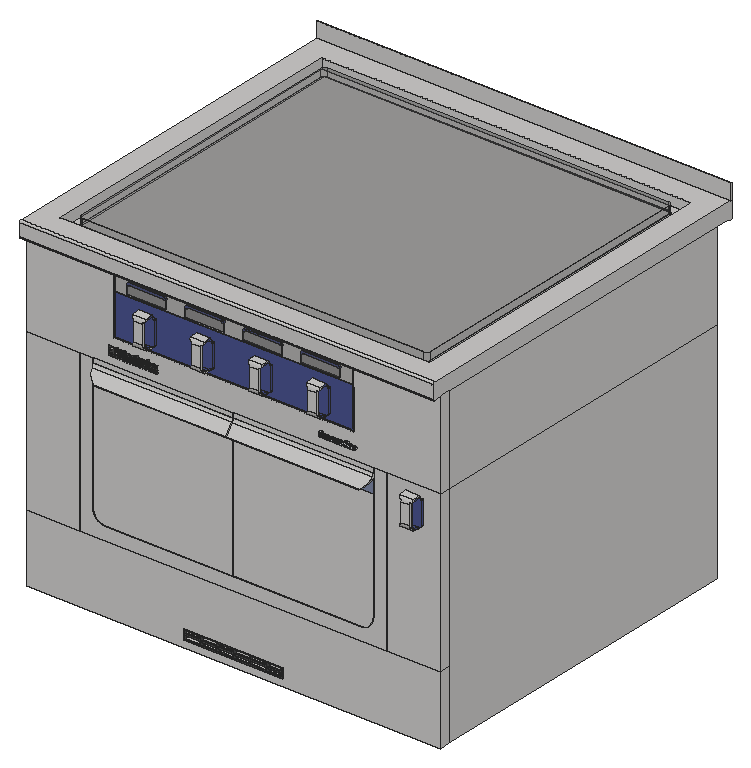
Revit family "QF_ELECTROLUXPROFESSIONAL_589675_MCIQFBJ4AO", category Attrezzature speciali, Revit 2020
Family settings
  Quota connettore circolare = Usa diametro
  Tipo di parte = Normale
  Basato su piano di lavoro = No
  Sempre verticale = Sì
  Taglio con vuoti quando caricato = No
  Condiviso = No
  Punto di calcolo locali = No
Parameters (values of type "Standard")
  Weight = 132.00 kg
  Watts = 22000 W
  Volts = 400 V
  URL Manufacturer = "https://www.electroluxprofessional.com/"
  URL = "https://www.electroluxprofessional.com/"
  Steam Supply Size = 0"
  Steam Supply Minimum Pressure = 0.00 psi
  Steam Supply Maximum Pressure = 0.00 psi
  Steam Consumption per Hour = 0
  Refrigeration Suction Line Size = 0 mm
  Refrigeration Liquid Line Size = 0 mm
  Refrigerant Compressor Remote = yes
  Prospetto di default = 0 mm
  Phase = 3
  Modello = "MCIQFBJ4AO"
  Produttore = "Electrolux Professional"
  Length Actual = 1000 mm  # constant formula
  Item Number = "589675"
  Hot Water Size = 0"
  Height Actual = 800 mm  # constant formula
  HP = "29.5 HP"
  Gas Size = 0"
  Gas KW = 0
  Gas Input Pressure = 0.0 Btu/h
  Direct Waste Size = 0"
  Descrizione = "INDUCTION,4Z,WARM CAB,1S,BS,1000X900X800"
  Depth Actual = 900 mm  # constant formula
  Cycle = 50 Hz
  Condensate Return Size = 0"
  Compressed Air Volume = 0 GPM
  Compressed Air Size = 0"
  Compressed Air Pressure = 0.00 psi
  Cold Water Size = 0"
  Accessory = yes
Reference planes
  plane 1 "BACK": y = 0
  plane 2: z = 0
  plane 3 "LEFT": x = -100
  plane 4 "RIGHT": x = 900
  plane 5 "FRONT": y = -900
  plane 6 "TOP": z = 900
  plane 7 "Center (Left/Right)": x = 400
  plane 8: y = -450
  plane 9: z = 100
  plane 10: y = -150
  plane 11 "Panel": y = -855
  plane 12: z = 798
  plane 13: z = 1327
  plane 14: x = -22
  plane 15: x = 822
  plane 16: y = -150
  plane 17: y = -650
  plane 18 "EIx": x = 855
  plane 19 "EIy": y = -685
  plane 20: y = -880
  plane 21: z = 938
  plane 22: x = 835
Forms (mm)
  Extrusion 1, solid, material "QF_Finishes_Stainless Steel"
    sketch origin (-178.969, -4572, 100) x (-1, 0, 0) y (0, -1, 0)
      loop
        line (-78.969, -4527) -> (-78.969, -3717) -> (-1078.969, -3717) -> (-1078.969, -4527) -> (-78.969, -4527)
    from 550 to 762.969
  Extrusion 2, solid, material "QF_Finishes_Stainless Steel"
    sketch origin (-100, 0, 0) x (0, 1, 0) y (0, 0, 1)
      loop
        line (-855, 100) -> (-855, 265) -> (-880, 265) -> (-880, 100) -> (-855, 100)
    from 0 to 1000
  Extrusion 3, solid, material "QF_Finishes_Stainless Steel"
    sketch origin (-488.969, -4662, 100) x (-1, 0, 0) y (0, -1, 0)
      loop
        circle (-1343.969, -3977) r 6.35
    from 0 to -11.851
  Extrusion 4, solid, material "QF_Finishes_Stainless Steel"
    sketch origin (400, 296.4, 1219.2) x (0, 1, 0) y (0, 0, 1)
      loop
        line (-296.4, -319.2) -> (-1191.4, -319.2)
        arc (-1191.4, -319.2) -> (-1194.935, -320.664) -> (-1196.4, -324.2) r 5
        line (-1196.4, -324.2) -> (-1196.4, -355.2)
        arc (-1196.4, -355.2) -> (-1194.971, -358.264) -> (-1191.705, -359.139) r 4
        line (-1191.705, -359.139) -> (-1176.4, -356.231) -> (-316.4, -356.231) -> (-301.094, -359.139)
        arc (-301.094, -359.139) -> (-297.829, -358.264) -> (-296.4, -355.2) r 4
        line (-296.4, -355.2) -> (-296.4, -319.2)
    from -500 to 500
  Extrusion 5, solid, material "QF_Finishes_Electrolux_Black Smoke Iluminated"
    sketch origin (0, 0, 900) x (-1, 0, 0) y (0, -1, 0)
      loop
        arc (12, 79) -> (19.071, 81.929) -> (22, 89) r 10
        line (22, 89) -> (22, 810)
        arc (22, 810) -> (19.071, 817.071) -> (12, 820) r 10
        line (12, 820) -> (-812, 820)
        arc (-812, 820) -> (-819.071, 817.071) -> (-822, 810) r 10
        line (-822, 810) -> (-822, 89)
        arc (-822, 89) -> (-819.071, 81.929) -> (-812, 79) r 10
        line (-812, 79) -> (12, 79)
    from 0 to -20
  Extrusion 6, solid, material "QF_Finishes_Stainless Steel"
    sketch origin (-178.969, -4572, 100) x (-1, 0, 0) y (0, -1, 0)
      loop
        line (-78.969, -4527) -> (-78.969, -3717) -> (-1078.969, -3717) -> (-1078.969, -4527) -> (-78.969, -4527)
    from 550 to 0
  Extrusion 7, void
    sketch origin (0, -855, 0) x (-1, 0, 0) y (0, 0, 1)
      loop
        line (-520, 116.594) -> (-280, 116.594) -> (-280, 141.594) -> (-520, 141.594) -> (-520, 116.594)
    from 0 to -25
  Extrusion 8, solid, material "QF_Finishes_Black"
    sketch origin (0, -855, 0) x (-1, 0, 0) y (0, 0, 1)
      loop
        line (-280, 141.594) -> (-520, 141.594) -> (-520, 116.594) -> (-280, 116.594) -> (-280, 141.594)
      loop
        line (-282, 139.594) -> (-319.131, 139.594) -> (-319.131, 130.094) -> (-282, 130.094) -> (-282, 139.594)
      loop
        line (-282, 118.594) -> (-282, 128.094) -> (-319.131, 128.094) -> (-319.131, 118.594) -> (-282, 118.594)
      loop
        line (-321.131, 139.594) -> (-359.066, 139.594) -> (-359.066, 130.094) -> (-321.131, 130.094) -> (-321.131, 139.594)
      loop
        line (-399, 139.594) -> (-399, 130.094) -> (-361.066, 130.094) -> (-361.066, 139.594) -> (-399, 139.594)
      loop
        line (-401, 139.594) -> (-438.934, 139.594) -> (-438.934, 130.094) -> (-401, 130.094) -> (-401, 139.594)
      loop
        line (-359.066, 118.594) -> (-321.131, 118.594) -> (-321.131, 128.094) -> (-359.066, 128.094) -> (-359.066, 118.594)
      loop
        line (-361.066, 118.594) -> (-361.066, 128.094) -> (-399, 128.094) -> (-399, 118.594) -> (-361.066, 118.594)
      loop
        line (-401, 128.094) -> (-438.934, 128.094) -> (-438.934, 118.594) -> (-401, 118.594) -> (-401, 128.094)
      loop
        line (-518, 139.594) -> (-518, 130.094) -> (-480.869, 130.094) -> (-480.869, 139.594) -> (-518, 139.594)
      loop
        line (-518, 118.594) -> (-480.869, 118.594) -> (-480.869, 128.094) -> (-518, 128.094) -> (-518, 118.594)
      loop
        line (-478.869, 139.594) -> (-478.869, 130.094) -> (-440.934, 130.094) -> (-440.934, 139.594) -> (-478.869, 139.594)
      loop
        line (-440.934, 118.594) -> (-440.934, 128.094) -> (-478.869, 128.094) -> (-478.869, 118.594) -> (-440.934, 118.594)
    from -20 to -25
  Extrusion 9, void
    sketch origin (0, 0, 900) x (-1, 0, 0) y (0, -1, 0)
      loop
        line (47, 845) -> (-847, 845) -> (-847, 54) -> (47, 54) -> (47, 845)
    from 0 to -25
  Extrusion 10, solid, material "QF_Finishes_Stainless Steel"
    sketch origin (0, 0, 900) x (-1, 0, 0) y (0, -1, 0)
      loop
        line (18, 83) -> (18, 816) -> (-818, 816) -> (-818, 83) -> (18, 83)
    from -20 to -25
  Extrusion 11, solid, material "QF_Finishes_Stainless Steel"
    sketch origin (0, -900, 0) x (1, 0, 0) y (0, 0, 1)
      loop
        line (-100, 650) -> (-100, 265) -> (30, 265) -> (30, 650) -> (-100, 650)
      loop
        line (900, 650) -> (770, 650) -> (770, 265) -> (900, 265) -> (900, 650)
    from -45 to -20
  Extrusion 12, solid, material "QF_Finishes_Stainless Steel"
    sketch origin (0, -900, 0) x (1, 0, 0) y (0, 0, 1)
      loop
        line (30, 265) -> (770, 265) -> (770, 650) -> (740, 650) -> (740, 327)
        arc (740, 327) -> (730.627, 304.373) -> (708, 295) r 32
        line (708, 295) -> (92, 295)
        arc (92, 295) -> (69.373, 304.373) -> (60, 327) r 32
        line (60, 327) -> (60, 650) -> (30, 650) -> (30, 265)
    from -45 to -20
  Extrusion 13, solid, material "QF_Finishes_Stainless Steel"
    sketch origin (400, 296.4, 1219.2) x (0, 1, 0) y (0, 0, 1)
      loop
        line (-296.4, -319.2) -> (-296.4, -281.2) -> (-298.4, -281.2) -> (-298.4, -319.2) -> (-296.4, -319.2)
    from -500 to 500
Cuts and joins
  Extrusion 7 cuts Extrusion 6
  Extrusion 7 cuts Extrusion 2
  Extrusion 9 cuts Extrusion 4
Lines and regions (mm)
  symbolic lines
    curve 1: line (-100, 0, 100) -> (900, 0, 100)
    curve 2: line (-100, -900, 100) -> (-100, 0, 100)
    curve 3: line (900, -900, 100) -> (-100, -900, 100)
    curve 4: line (900, 0, 100) -> (900, -900, 100)
    curve 5: line (812, -79, 100) -> (-12, -79, 100)
    curve 6: line (-22, -89, 100) -> (-22, -810, 100)
    curve 7: line (-12, -820, 100) -> (812, -820, 100)
    curve 8: line (822, -810, 100) -> (822, -89, 100)
    curve 9: arc (-12, -79, 100) -> (-19.071, -81.929, 100) -> (-22, -89, 100) r 10
    curve 10: arc (822, -89, 100) -> (819.071, -81.929, 100) -> (812, -79, 100) r 10
    curve 11: arc (812, -820, 100) -> (819.071, -817.071, 100) -> (822, -810, 100) r 10
    curve 12: arc (-22, -810, 100) -> (-19.071, -817.071, 100) -> (-12, -820, 100) r 10
    curve 13: line (847, -54, 900) -> (-47, -54, 900)
    curve 14: line (-47, -54, 900) -> (-47, -845, 900)
    curve 15: line (847, -845, 900) -> (847, -54, 900)
    curve 16: line (-47, -845, 900) -> (847, -845, 900)
    curve 55: line (-100, -2, 900) -> (900, -2, 900)
  model lines
    curve 17: line (64.474, -422.012, 900) -> (46.796, -404.335, 900)
    curve 18: line (46.796, -404.335, 900) -> (46.796, -169.335, 900)
    curve 19: line (46.796, -169.335, 900) -> (64.474, -151.657, 900)
    curve 20: line (183.85, -245.603, 900) -> (183.85, -325.603, 900)
    curve 21: line (143.85, -285.603, 900) -> (223.85, -285.603, 900)
    curve 22: line (303.226, -422.012, 900) -> (320.903, -404.335, 900)
    curve 23: line (320.903, -404.335, 900) -> (320.903, -169.335, 900)
    curve 24: line (320.903, -169.335, 900) -> (303.226, -151.657, 900)
    curve 25: line (494.474, -422.012, 900) -> (476.796, -404.335, 900)
    curve 26: line (476.796, -404.335, 900) -> (476.796, -169.335, 900)
    curve 27: line (476.796, -169.335, 900) -> (494.474, -151.657, 900)
    curve 28: line (613.85, -245.603, 900) -> (613.85, -325.603, 900)
    curve 29: line (573.85, -285.603, 900) -> (653.85, -285.603, 900)
    curve 30: line (733.226, -422.012, 900) -> (750.903, -404.335, 900)
    curve 31: line (750.903, -404.335, 900) -> (750.903, -169.335, 900)
    curve 32: line (750.903, -169.335, 900) -> (733.226, -151.657, 900)
    curve 33: line (64.474, -477.988, 900) -> (46.796, -495.665, 900)
    curve 34: line (46.796, -495.665, 900) -> (46.796, -730.665, 900)
    curve 35: line (46.796, -730.665, 900) -> (64.474, -748.343, 900)
    curve 36: line (183.85, -654.397, 900) -> (183.85, -574.397, 900)
    curve 37: line (143.85, -614.397, 900) -> (223.85, -614.397, 900)
    curve 38: line (303.226, -477.988, 900) -> (320.903, -495.665, 900)
    curve 39: line (320.903, -495.665, 900) -> (320.903, -730.665, 900)
    curve 40: line (320.903, -730.665, 900) -> (303.226, -748.343, 900)
    curve 41: line (494.474, -477.988, 900) -> (476.796, -495.665, 900)
    curve 42: line (476.796, -495.665, 900) -> (476.796, -730.665, 900)
    curve 43: line (476.796, -730.665, 900) -> (494.474, -748.343, 900)
    curve 44: line (613.85, -654.397, 900) -> (613.85, -574.397, 900)
    curve 45: line (573.85, -614.397, 900) -> (653.85, -614.397, 900)
    curve 46: line (733.226, -477.988, 900) -> (750.903, -495.665, 900)
    curve 47: line (750.903, -495.665, 900) -> (750.903, -730.665, 900)
    curve 48: line (750.903, -730.665, 900) -> (733.226, -748.343, 900)
    curve 49: line (-7.896, -110.891, 900) -> (13.317, -89.677, 900)
    curve 50: line (13.317, -89.677, 900) -> (786.683, -89.677, 900)
    curve 51: line (807.896, -110.891, 900) -> (786.683, -89.677, 900)
    curve 52: line (-7.896, -789.109, 900) -> (13.317, -810.323, 900)
    curve 53: line (13.317, -810.323, 900) -> (786.683, -810.323, 900)
    curve 54: line (807.896, -789.109, 900) -> (786.683, -810.323, 900)
Dimensions and locks
  plane 3 "LEFT" to plane 4 "RIGHT" = 1000 mm
  plane 5 "FRONT" to plane 1 "BACK" = 900 mm
  plane 3 "LEFT" to plane 7 "Center (Left/Right)" to plane 4 "RIGHT" = 500 mm, 500 mm
  equal spacing: plane 5 "FRONT", plane 8, plane 1 "BACK"
  plane 6 "TOP" to level = 900 mm  (x2)
  plane 9 to level = 100 mm
  plane 1 "BACK" to plane 10 to plane 11 "Panel" = 150 mm, 705 mm  (x2)
  plane 6 "TOP" to plane 9 to level = 800 mm, 100 mm
  plane 1 "BACK" to plane 5 "FRONT" = 900 mm
  plane 1 "BACK" to Extrusion 3 = 685 mm
  plane 12 to plane 9 = 698 mm
  plane 13 to plane 6 "TOP" = 427 mm
  plane 6 "TOP" to plane 12 = 102 mm
  plane 14 to plane 3 "LEFT" = 78 mm
  plane 15 to plane 4 "RIGHT" = 78 mm
  locked: plane 1 "BACK" to plane 16 at 150
  locked: plane 16 to plane 17 at 500
  plane 11 "Panel" to plane 5 "FRONT" = 45 mm
  plane 18 "EIx" to plane 4 "RIGHT" = 45 mm
  plane 19 "EIy" to plane 1 "BACK" = 685 mm
  locked: plane 11 "Panel" to plane 20 at 25
  plane 21 to plane 6 "TOP" = 38 mm
  plane 22 to plane 4 "RIGHT" = 65 mm
  aligned and locked: level to plane 2
  aligned and locked: Extrusion 2 to plane 4 "RIGHT"
  aligned and locked: cut or joined group of Extrusion 4, Extrusion 9 to plane 3 "LEFT"
  aligned and locked: cut or joined group of Extrusion 4, Extrusion 9 to plane 4 "RIGHT"
  aligned and locked: cut or joined group of Extrusion 6, Extrusion 7 to plane 4 "RIGHT"
  aligned and locked: cut or joined group of Extrusion 6, Extrusion 7 to plane 3 "LEFT"
  aligned and locked: nested 2 to plane 11 "Panel"
  aligned and locked: Extrusion 1 to plane 11 "Panel"
  aligned and locked: plane 11 "Panel" to cut or joined group of Extrusion 2, Extrusion 7
  aligned and locked: nested 1 to plane 20
  aligned and locked: Extrusion 1 to plane 3 "LEFT"
  aligned and locked: Extrusion 1 to plane 4 "RIGHT"
  aligned and locked: plane 7 "Center (Left/Right)" to nested 3
  aligned and locked: cut or joined group of Extrusion 6, Extrusion 7 to nested 3
  aligned and locked: plane 11 "Panel" to Extrusion 11
  aligned and locked: plane 20 to Extrusion 11
  aligned and locked: Extrusion 12 to plane 20
  aligned and locked: plane 11 "Panel" to Extrusion 12
  aligned and locked: plane 22 to nested 1
  aligned and locked: Extrusion 13 to plane 3 "LEFT"
  aligned and locked: Extrusion 13 to plane 4 "RIGHT"
Automatic sketch dimensions
  Extrusion 1 sketch curve to plane 4 "RIGHT" = 0 mm
  Extrusion 1 sketch curve to plane 3 "LEFT" = 0 mm
  Extrusion 1 sketch curve to plane 11 "Panel" = 0 mm
  plane 1 "BACK" to Extrusion 1 sketch curve = 45 mm
  Extrusion 2 sketch curve to plane 9 = 0 mm
  Extrusion 2 sketch curve to plane 20 = 0 mm
  Extrusion 2 sketch curve to plane 11 "Panel" = 0 mm
  plane 9 to Extrusion 2 sketch curve = 165 mm
  plane 1 "BACK" to curve 1 = 0 mm
  curve 1 to plane 4 "RIGHT" = 0 mm
  curve 8 to plane 15 = 0 mm
  curve 6 to plane 14 = 0 mm
  curve 2 to plane 3 "LEFT" = 0 mm
  plane 5 "FRONT" to curve 3 = 0 mm
  plane 15 to curve 5 = 10 mm
  plane 15 to curve 11 = 10 mm
  curve 5 to plane 14 = 10 mm
  curve 12 to curve 12 = 10 mm
  plane 10 to curve 5 = 71 mm
  plane 11 "Panel" to curve 11 = 45 mm
  Extrusion 3 sketch curve to plane 18 "EIx" = 0 mm
  Extrusion 3 sketch curve to plane 19 "EIy" = 0 mm
  Extrusion 4 sketch curve to plane 5 "FRONT" = 0 mm
  Extrusion 4 sketch curve to plane 6 "TOP" = 0 mm
  Extrusion 4 sketch curve to plane 20 = 0 mm
  Extrusion 4 sketch curve to plane 1 "BACK" = 0 mm
  Extrusion 4 sketch curve to Extrusion 4 sketch curve = 4 mm
  Extrusion 4 sketch curve to Extrusion 4 sketch curve = 0.695 mm
  Extrusion 4 sketch curve to plane 5 "FRONT" = 5 mm
  plane 1 "BACK" to Extrusion 4 sketch curve = 20 mm
  plane 1 "BACK" to Extrusion 4 sketch curve = 4.695 mm
  plane 1 "BACK" to Extrusion 4 sketch curve = 4 mm
  Extrusion 4 sketch curve to Extrusion 4 sketch curve = 31 mm
  Extrusion 4 sketch curve to Extrusion 4 sketch curve = 36 mm
  Extrusion 4 sketch curve to Extrusion 4 sketch curve = 2.909 mm
  Extrusion 5 sketch curve to plane 15 = 0 mm
  Extrusion 5 sketch curve to plane 14 = 0 mm
  plane 15 to Extrusion 5 sketch curve = 10 mm  (x2)
  Extrusion 5 sketch curve to Extrusion 5 sketch curve = 10 mm  (x2)
  plane 10 to Extrusion 5 sketch curve = 71 mm
  plane 11 "Panel" to Extrusion 5 sketch curve = 45 mm
  Extrusion 6 sketch curve to plane 4 "RIGHT" = 0 mm
  Extrusion 6 sketch curve to plane 3 "LEFT" = 0 mm
  Extrusion 6 sketch curve to plane 11 "Panel" = 0 mm
  plane 1 "BACK" to Extrusion 6 sketch curve = 45 mm
  plane 9 to Extrusion 7 sketch curve = 41.594 mm
  plane 7 "Center (Left/Right)" to Extrusion 7 sketch curve = 120 mm
  Extrusion 7 sketch curve to plane 7 "Center (Left/Right)" = 120 mm
  plane 9 to Extrusion 7 sketch curve = 16.594 mm
  plane 9 to Extrusion 8 sketch curve = 41.594 mm
  plane 7 "Center (Left/Right)" to Extrusion 8 sketch curve = 120 mm
  Extrusion 8 sketch curve to Extrusion 8 sketch curve = 2 mm  (x15)
  Extrusion 8 sketch curve to Extrusion 8 sketch curve = 0 mm  (x16)
  Extrusion 8 sketch curve to Extrusion 8 sketch curve = 37.131 mm  (x2)
  Extrusion 8 sketch curve to Extrusion 8 sketch curve = 37.934 mm  (x3)
  plane 7 "Center (Left/Right)" to Extrusion 8 sketch curve = 1 mm  (x2)
  Extrusion 8 sketch curve to plane 7 "Center (Left/Right)" = 1 mm  (x2)
  plane 9 to Extrusion 8 sketch curve = 18.594 mm  (x4)
  Extrusion 8 sketch curve to Extrusion 8 sketch curve = 9.5 mm  (x6)
  plane 18 "EIx" to Extrusion 9 sketch curve = 8 mm
  plane 14 to Extrusion 9 sketch curve = 25 mm
  plane 1 "BACK" to Extrusion 9 sketch curve = 54 mm
  plane 11 "Panel" to Extrusion 9 sketch curve = 10 mm
  plane 15 to Extrusion 10 sketch curve = 4 mm
  Extrusion 10 sketch curve to plane 14 = 4 mm
  plane 10 to Extrusion 10 sketch curve = 67 mm
  plane 11 "Panel" to Extrusion 10 sketch curve = 39 mm
  curve 55 to plane 4 "RIGHT" = 0 mm
  curve 55 to plane 3 "LEFT" = 0 mm
  plane 18 "EIx" to curve 13 = 8 mm
  plane 15 to curve 53 = 35.317 mm
  plane 15 to curve 51 = 35.317 mm
  plane 15 to curve 46 = 71.097 mm
  curve 32 to plane 10 = 19.335 mm
  plane 15 to curve 32 = 71.097 mm
  curve 27 to plane 10 = 19.335 mm
  plane 7 "Center (Left/Right)" to curve 27 = 76.796 mm
  plane 7 "Center (Left/Right)" to curve 43 = 76.796 mm
  curve 24 to plane 10 = 19.335 mm
  curve 24 to plane 7 "Center (Left/Right)" = 79.097 mm
  curve 40 to plane 7 "Center (Left/Right)" = 79.097 mm
  curve 35 to plane 14 = 68.796 mm
  curve 19 to plane 10 = 19.335 mm
  curve 19 to plane 14 = 68.796 mm
  curve 50 to plane 14 = 35.317 mm
  curve 53 to plane 14 = 35.317 mm
  plane 14 to curve 14 = 25 mm
  plane 10 to curve 50 = 60.323 mm
  plane 1 "BACK" to curve 15 = 54 mm
  plane 8 to curve 26 = 45.665 mm
  plane 8 to curve 17 = 45.665 mm
  plane 8 to curve 30 = 45.665 mm
  plane 8 to curve 22 = 45.665 mm
  curve 34 to plane 8 = 45.665 mm
  curve 42 to plane 8 = 45.665 mm
  curve 38 to plane 8 = 45.665 mm
  curve 46 to plane 8 = 45.665 mm
  curve 42 to plane 19 "EIy" = 45.665 mm
  curve 40 to plane 19 "EIy" = 45.665 mm
  curve 34 to plane 19 "EIy" = 45.665 mm
  curve 47 to plane 19 "EIy" = 45.665 mm
  plane 11 "Panel" to curve 54 = 44.677 mm
  plane 11 "Panel" to curve 15 = 10 mm
  plane 15 to curve 54 = 14.104 mm
  plane 15 to curve 51 = 14.104 mm
  curve 46 to plane 8 = 27.988 mm
  curve 46 to curve 46 = 17.678 mm
  curve 47 to curve 48 = 17.678 mm  (x2)
  curve 32 to plane 10 = 1.657 mm
  curve 31 to curve 32 = 17.678 mm
  plane 8 to curve 30 = 27.988 mm
  curve 30 to curve 30 = 17.678 mm
  curve 45 to plane 17 = 35.603 mm
  curve 47 to curve 45 = 97.053 mm
  curve 31 to curve 29 = 97.053 mm
  plane 17 to curve 44 = 4.397 mm
  curve 45 to curve 44 = 40 mm
  curve 29 to curve 28 = 40 mm  (x2)
  curve 28 to curve 29 = 40 mm  (x2)
  curve 44 to curve 45 = 40 mm  (x2)
  curve 43 to curve 42 = 17.678 mm
  plane 8 to curve 25 = 27.988 mm
  curve 25 to curve 25 = 17.678 mm
  curve 41 to plane 8 = 27.988 mm
  curve 41 to curve 41 = 17.678 mm
  curve 27 to plane 10 = 1.657 mm
  curve 27 to curve 26 = 17.678 mm
  curve 38 to plane 8 = 27.988 mm
  curve 38 to curve 38 = 17.678 mm
  plane 8 to curve 22 = 27.988 mm
  curve 22 to curve 22 = 17.678 mm
  curve 24 to plane 10 = 1.657 mm
  curve 23 to curve 24 = 17.678 mm
  curve 39 to curve 40 = 17.678 mm  (x2)
  curve 37 to plane 17 = 35.603 mm
  curve 39 to curve 37 = 97.053 mm
  curve 23 to curve 21 = 97.053 mm
  curve 21 to curve 20 = 40 mm  (x2)
  plane 17 to curve 36 = 4.397 mm
  curve 37 to curve 36 = 40 mm
  curve 36 to curve 37 = 40 mm  (x2)
  curve 20 to curve 21 = 40 mm  (x2)
  plane 8 to curve 17 = 27.988 mm
  curve 17 to curve 17 = 17.678 mm
  curve 19 to plane 10 = 1.657 mm
  curve 19 to curve 18 = 17.678 mm
  curve 33 to plane 8 = 27.988 mm
  curve 33 to curve 33 = 17.678 mm
  curve 35 to curve 34 = 17.678 mm
  curve 49 to plane 14 = 14.104 mm
  curve 52 to plane 14 = 14.104 mm
  curve 49 to curve 49 = 21.213 mm
  curve 50 to curve 51 = 21.213 mm
  plane 1 "BACK" to curve 55 = 2 mm
  curve 28 to plane 10 = 95.603 mm
  curve 20 to plane 10 = 95.603 mm
  curve 42 to curve 43 = 17.678 mm
  curve 34 to curve 35 = 17.678 mm
  curve 54 to curve 53 = 21.213 mm
  curve 52 to curve 52 = 21.213 mm
  Extrusion 11 sketch curve to plane 3 "LEFT" = 0 mm
  plane 4 "RIGHT" to Extrusion 11 sketch curve = 0 mm
  Extrusion 11 sketch curve to plane 14 = 52 mm
  plane 15 to Extrusion 11 sketch curve = 52 mm
  plane 9 to Extrusion 11 sketch curve = 165 mm  (x2)
  Extrusion 11 sketch curve to plane 12 = 148 mm  (x2)
  Extrusion 12 sketch curve to plane 14 = 52 mm
  Extrusion 12 sketch curve to Extrusion 12 sketch curve = 30 mm  (x2)
  Extrusion 12 sketch curve to Extrusion 12 sketch curve = 32 mm  (x2)
  plane 15 to Extrusion 12 sketch curve = 114 mm
  plane 15 to Extrusion 12 sketch curve = 52 mm
  plane 9 to Extrusion 12 sketch curve = 165 mm
  Extrusion 12 sketch curve to plane 12 = 148 mm  (x2)
  Extrusion 13 sketch curve to plane 6 "TOP" = 0 mm
  Extrusion 13 sketch curve to plane 21 = 0 mm
  Extrusion 13 sketch curve to plane 1 "BACK" = 0 mm
  plane 1 "BACK" to Extrusion 13 sketch curve = 2 mm
  radius of Extrusion 3 sketch curve = 6.35 mm
Nested families
  nested 1: "FIT Range Control Handle" at (835, -883.137, -372.751), type "FIT Range Control Handle"
  nested 2: "Front_Panel_W1000_4 Knobs" at (102.376, -855, 0), type "Front_Panel_W1000_4 Knobs"
  nested 3: "H450H2W1000_2DOOR" at (363.958, -855, 200) x (1, 0, 0) z (0, -1, 0), type "H450H2W1000_2DOOR"
    with Width 680 mm, Wdoor 340 mm, Show Clearance yes
Connectors
  electrical at (855, -685, 88.149)
    settings: on Extrusion 3, index 1, voltage 400 V, apparent load 33000 VA, apparent load phase1 0 VA, apparent load phase2 0 VA, apparent load phase3 0 VA, power factor 1, load classification "Other", number of poles 1, system type 30, power factor state 1, is connector primary yes, connector utility no, sub classification motor no, connector description "ELECTRICAL CONNECTION"
Definition of nested family "FIT Range Control Handle"
  Parameters
    Default Elevation = 0 mm
  Reference planes
    plane 1 "Center (Front/Back)": y = 0
    plane 2: z = 0
    plane 3 "Center (Left/Right)": x = 0
    plane 4: z = 971.092
    plane 5: y = -16.8
  Forms (mm)
    Extrusion 1, solid
      sketch origin (-746.28, 380.497, 208.931) x (-1, 0, 0) y (0, 0, 1)
        loop
          line (-770.101, 786.798) -> (-770.101, 731.649)
          arc (-770.101, 731.649) -> (-769.759, 730.563) -> (-768.855, 729.87) r 1.893
          line (-768.855, 729.87) -> (-763.474, 727.911) -> (-729.81, 727.911) -> (-724.428, 729.87)
          arc (-724.428, 729.87) -> (-723.525, 730.563) -> (-723.183, 731.649) r 1.893
          line (-723.183, 731.649) -> (-723.183, 786.798)
          arc (-723.183, 786.798) -> (-723.529, 787.894) -> (-724.44, 788.593) r 1.91
          line (-724.44, 788.593) -> (-729.683, 790.819) -> (-763.601, 790.819) -> (-768.844, 788.593)
          arc (-768.844, 788.593) -> (-769.755, 787.894) -> (-770.101, 786.798) r 1.91
      from -382.35 to -378.852
    Sweep 2, solid
      path origin (-746.788, 380.496, 208.091) x (0, -1, 0) y (0, 0, 1)
        loop
          line (379.775, 793.281) -> (395.661, 791.048)
          arc (395.661, 791.048) -> (397.781, 787.377) -> (398.517, 783.202) r 12.207
          line (398.517, 783.202) -> (398.517, 737.368)
          arc (398.517, 737.368) -> (397.781, 733.193) -> (395.661, 729.522) r 12.207
          line (395.661, 729.522) -> (379.775, 727.289)
      profile origin (-746.788, -7.222, 1000.256) x (0, -0.139173, 0.990268) y (-1, 0, 0)
        loop
          line (0.782, -763.123) -> (0.782, -730.907) -> (-1.322, -730.907) -> (-1.322, -763.123) -> (0.782, -763.123)
    Sweep 3, solid
      path origin (-746.788, 380.715, 207.832) x (0, -1, 0) y (0, 0, 1)
        loop
          line (380.478, 795.442) -> (397.218, 793.09)
          arc (397.218, 793.09) -> (399.929, 788.473) -> (400.871, 783.202) r 15.207
          line (400.871, 783.202) -> (400.871, 737.584)
          arc (400.871, 737.584) -> (399.914, 732.274) -> (397.164, 727.633) r 15.207
          line (397.164, 727.633) -> (380.601, 725.305)
      profile origin (-746.788, -8.132, 1002.099) x (0, -0.139173, 0.990268) y (-1, 0, 0)
        loop
          line (0.782, -763.123) -> (0.782, -730.907) -> (-1.322, -730.907) -> (-1.322, -763.123) -> (0.782, -763.123)
    Extrusion 4, void
      sketch origin (889.253, 220.666, 207.993) x (1, 0, 0) y (0, 0, 1)
        loop
          line (-943.038, 816.854) -> (-943.038, 703.686) -> (-899.466, 734.196) -> (-899.466, 786.344) -> (-943.038, 816.854)
      from 230.636 to 242.25
    Extrusion 5, void
      sketch origin (-888.8, 220.666, 207.993) x (-1, 0, 0) y (0, 0, -1)
        loop
          line (-943.038, -816.854) -> (-899.466, -786.344) -> (-899.466, -734.196) -> (-943.038, -703.686) -> (-943.038, -816.854)
      from 230.636 to 242.25
    Extrusion 6, solid
      sketch origin (0, 0, 0) x (1, 0, 0) y (0, 0, 1)
        loop
          circle (0, 971.092) r 7.736
      from -3.137 to -1.645
  Cuts and joins
    Extrusion 4, Extrusion 5 cuts Sweep 3
    Extrusion 4, Extrusion 5 cuts Sweep 2
    joined: Extrusion 1, Extrusion 6
  Lines and regions (mm)
    symbolic lines
      curve 1: line (-15.881, -19.189, 0) -> (-15.881, -16.8, 0)
      curve 2: line (16.334, -19.189, 0) -> (16.334, -16.8, 0)
      curve 3: spline (-15.881, -19.189, 0) -> (-15.417, -19.349, 0) -> (-14.951, -19.501, 0) -> (-14.483, -19.646, 0) -> (-14.014, -19.783, 0) -> (-13.543, -19.912, 0) -> (-13.071, -20.033, 0) -> (-12.597, -20.146, 0) -> (-12.122, -20.251, 0) -> (-11.646, -20.349, 0) -> (-11.169, -20.438, 0) -> (-10.691, -20.52, 0) -> (-10.213, -20.593, 0)
      curve 4: spline (10.666, -20.593, 0) -> (11.144, -20.52, 0) -> (11.622, -20.438, 0) -> (12.099, -20.349, 0) -> (12.575, -20.251, 0) -> (13.05, -20.146, 0) -> (13.524, -20.033, 0) -> (13.996, -19.912, 0) -> (14.467, -19.783, 0) -> (14.936, -19.646, 0) -> (15.404, -19.501, 0) -> (15.87, -19.349, 0) -> (16.334, -19.189, 0)
      curve 5: line (-10.213, -20.938, 0) -> (10.716, -20.938, 0)
  Dimensions and locks
    cut or joined group of Sweep 3, Extrusion 4, Extrusion 5 to cut or joined group of Sweep 3, Extrusion 4, Extrusion 5 = 71.686 mm
Definition of nested family "Front_Panel_W1000_4 Knobs"
  Parameters
    Default Elevation = 0 mm
  Reference planes
    plane 1 "Center (Front/Back)": y = 0
    plane 2: z = 0
    plane 3 "Center (Left/Right)": x = 297.624
    plane 4 "Left": x = -202.376
    plane 5 "Right": x = 797.624
    plane 6: y = -45
    plane 7: x = 87.624
    plane 8: x = 227.624
    plane 9: y = -310
    plane 10: y = -25
    plane 11: x = -2.376
    plane 12: x = 367.624
    plane 13: x = 507.624
    plane 14: x = 594.715
  Forms (mm)
    Extrusion 1, solid
      sketch origin (833.217, 829.203, -1.25) x (0, 1, 0) y (0, 0, 1)
        loop
          line (-854.203, 651.25) -> (-829.203, 651.25) -> (-829.203, 864.25) -> (-854.203, 864.25) -> (-854.203, 651.25)
      from -1035.593 to -35.593
    Extrusion 2, void
      sketch origin (0, 0, 0) x (1, 0, 0) y (0, 0, 1)
        loop
          line (7.624, 853.866) -> (7.624, 711.866) -> (587.624, 711.866) -> (587.624, 853.866) -> (7.624, 853.866)
      from 19.387 to 33.951
  Cuts and joins
    Extrusion 2 cuts Extrusion 1
  Lines and regions (mm)
    symbolic lines
      curve 1: line (131.124, -45, 0) -> (131.124, -310, 0)
      curve 2: line (131.124, -310, 0) -> (464.124, -310, 0)
      curve 3: line (235.966, -310, 0) -> (240.646, -334.075, 0)
      curve 4: line (240.646, -334.075, 0) -> (354.603, -334.075, 0)
      curve 5: line (354.603, -334.075, 0) -> (359.283, -310, 0)
      curve 6: line (464.124, -310, 0) -> (464.124, -45, 0)
      curve 7: line (131.124, -300, 0) -> (464.124, -300, 0)
      curve 8: line (240.874, -309.046, 0) -> (244.767, -329.075, 0)
      curve 9: line (244.767, -329.075, 0) -> (350.481, -329.075, 0)
      curve 10: line (350.481, -329.075, 0) -> (354.375, -309.046, 0)
  Dimensions and locks
    equal spacing: plane 5 "Right", plane 3 "Center (Left/Right)", plane 4 "Left"
    plane 5 "Right" to plane 4 "Left" = 1000 mm
    plane 3 "Center (Left/Right)" to plane 7 = 210 mm
    plane 3 "Center (Left/Right)" to plane 8 = 70 mm
    plane 6 to plane 9 = 265 mm
    plane 13 to plane 3 "Center (Left/Right)" = 210 mm
    plane 12 to plane 3 "Center (Left/Right)" = 70 mm
    aligned and locked: cut or joined group of Extrusion 1, Extrusion 2 to plane 4 "Left"
    aligned and locked: plane 5 "Right" to cut or joined group of Extrusion 1, Extrusion 2
    aligned and locked: plane 3 "Center (Left/Right)" to nested 2
    aligned and locked: cut or joined group of Extrusion 1, Extrusion 2 to nested 2
  Automatic sketch dimensions
    Extrusion 1 sketch curve to plane 1 "Center (Front/Back)" = 0 mm
    level to Extrusion 1 sketch curve = 650 mm
    plane 4 "Left" to Extrusion 2 sketch curve = 210 mm
    Extrusion 2 sketch curve to plane 5 "Right" = 210 mm
    level to Extrusion 2 sketch curve = 711.866 mm
    Extrusion 2 sketch curve to Extrusion 2 sketch curve = 142 mm
    plane 6 to curve 1 = 0 mm
    plane 6 to curve 6 = 0 mm
    plane 9 to curve 1 = 0 mm
    plane 7 to curve 1 = 43.5 mm
    curve 4 to plane 9 = 24.075 mm
    plane 8 to curve 4 = 13.021 mm
    curve 3 to curve 8 = 4.122 mm
    plane 3 "Center (Left/Right)" to curve 4 = 56.979 mm
    curve 4 to curve 2 = 109.521 mm
    plane 8 to curve 3 = 8.342 mm
    curve 3 to curve 8 = 4.908 mm
    curve 9 to curve 4 = 4.122 mm
    curve 10 to plane 9 = 19.075 mm
    curve 9 to curve 5 = 8.801 mm
    plane 9 to curve 10 = 0.954 mm
    curve 10 to curve 5 = 4.908 mm
    curve 3 to curve 8 = 0.954 mm
    curve 1 to curve 7 = 10 mm
    Extrusion 1 sketch curve to plane 6 = 20 mm
    Extrusion 1 sketch curve to Extrusion 1 sketch curve = 213 mm
  Nested families
    nested 1: "Range Control Handle" at (87.624, -28.137, -209.113) x (-1, 0, 0) z (0, 0, 1), type "Range Control Handle"
    nested 2: "Front glass control panel W1000" at (297.624, 280.644, 2.752), type "Front glass control panel W1000"
    nested 3: "Range Control Handle" at (227.624, -28.137, -209.113) x (-1, 0, 0) z (0, 0, 1), type "Range Control Handle"
    nested 4: "Range Control Handle" at (367.624, -28.137, -209.113), type "Range Control Handle"
    nested 5: "Range Control Handle" at (507.624, -28.137, -209.113), type "Range Control Handle"
    nested 6: "ELX_ThermaLine_Small" at (546.122, -25, 679.426) x (1, 0, 0) z (0, -1, 0), type "ELX_ThermaLine_Small"
      with Show Logo yes, Material_Logo none
    nested 7: "ELX_Professional_Logo_Small" at (57.11, -25, 681.659) x (1, 0, 0) z (0, -1, 0), type "ELX_Professional_Logo_Small"
      with Show Logo yes, Material_Logo none
  Definition of nested family "Range Control Handle"
    Parameters
      Default Elevation = 0 mm
    Reference planes
      plane 1 "Center (Front/Back)": y = 0
      plane 2: z = 0
      plane 3 "Center (Left/Right)": x = 0
      plane 4: z = 971.092
      plane 5: y = -16.9
    Forms (mm)
      Extrusion 1, solid
        sketch origin (-746.28, 380.497, 208.931) x (-1, 0, 0) y (0, 0, 1)
          loop
            line (-770.101, 786.798) -> (-770.101, 731.649)
            arc (-770.101, 731.649) -> (-769.759, 730.563) -> (-768.855, 729.87) r 1.893
            line (-768.855, 729.87) -> (-763.474, 727.911) -> (-729.81, 727.911) -> (-724.428, 729.87)
            arc (-724.428, 729.87) -> (-723.525, 730.563) -> (-723.183, 731.649) r 1.893
            line (-723.183, 731.649) -> (-723.183, 786.798)
            arc (-723.183, 786.798) -> (-723.529, 787.894) -> (-724.44, 788.593) r 1.91
            line (-724.44, 788.593) -> (-729.683, 790.819) -> (-763.601, 790.819) -> (-768.844, 788.593)
            arc (-768.844, 788.593) -> (-769.755, 787.894) -> (-770.101, 786.798) r 1.91
        from -382.35 to -378.852
      Sweep 2, solid
        path origin (-746.788, 380.496, 208.091) x (0, -1, 0) y (0, 0, 1)
          loop
            line (379.775, 793.281) -> (395.661, 791.048)
            arc (395.661, 791.048) -> (397.781, 787.377) -> (398.517, 783.202) r 12.207
            line (398.517, 783.202) -> (398.517, 737.368)
            arc (398.517, 737.368) -> (397.781, 733.193) -> (395.661, 729.522) r 12.207
            line (395.661, 729.522) -> (379.775, 727.289)
        profile origin (-746.788, -7.222, 1000.256) x (0, -0.139173, 0.990268) y (-1, 0, 0)
          loop
            line (0.782, -763.123) -> (0.782, -730.907) -> (-1.322, -730.907) -> (-1.322, -763.123) -> (0.782, -763.123)
      Sweep 3, solid
        path origin (-746.788, 380.715, 207.832) x (0, -1, 0) y (0, 0, 1)
          loop
            line (380.478, 795.442) -> (397.218, 793.09)
            arc (397.218, 793.09) -> (399.929, 788.473) -> (400.871, 783.202) r 15.207
            line (400.871, 783.202) -> (400.871, 737.584)
            arc (400.871, 737.584) -> (399.914, 732.274) -> (397.164, 727.633) r 15.207
            line (397.164, 727.633) -> (380.601, 725.305)
        profile origin (-746.788, -8.132, 1002.099) x (0, -0.139173, 0.990268) y (-1, 0, 0)
          loop
            line (0.782, -763.123) -> (0.782, -730.907) -> (-1.322, -730.907) -> (-1.322, -763.123) -> (0.782, -763.123)
      Extrusion 4, void
        sketch origin (889.253, 220.666, 207.993) x (1, 0, 0) y (0, 0, 1)
          loop
            line (-943.038, 816.854) -> (-943.038, 703.686) -> (-899.466, 734.196) -> (-899.466, 786.344) -> (-943.038, 816.854)
        from 230.636 to 242.25
      Extrusion 5, void
        sketch origin (-888.8, 220.666, 207.993) x (-1, 0, 0) y (0, 0, -1)
          loop
            line (-943.038, -816.854) -> (-899.466, -786.344) -> (-899.466, -734.196) -> (-943.038, -703.686) -> (-943.038, -816.854)
        from 230.636 to 242.25
      Extrusion 6, solid
        sketch origin (0, 0, 0) x (1, 0, 0) y (0, 0, 1)
          loop
            circle (0, 971.092) r 7.736
        from -3.137 to -1.645
    Cuts and joins
      Extrusion 4, Extrusion 5 cuts Sweep 3
      Extrusion 4, Extrusion 5 cuts Sweep 2
      joined: Extrusion 1, Extrusion 6
    Lines and regions (mm)
      symbolic lines
        curve 1: line (16.334, -16.9, 0) -> (16.334, -19.227, 0)
        curve 2: spline (16.334, -19.227, 0) -> (15.87, -19.385, 0) -> (15.404, -19.536, 0) -> (14.936, -19.678, 0) -> (14.466, -19.813, 0) -> (13.995, -19.94, 0) -> (13.523, -20.059, 0) -> (13.049, -20.171, 0) -> (12.575, -20.274, 0) -> (12.099, -20.37, 0) -> (11.622, -20.458, 0) -> (11.144, -20.537, 0) -> (10.666, -20.609, 0)
        curve 3: line (10.666, -16.9, 0) -> (10.666, -20.938, 0)
        curve 4: line (-10.213, -20.938, 0) -> (10.666, -20.938, 0)
        curve 5: line (-10.213, -20.938, 0) -> (-10.213, -16.9, 0)
        curve 6: spline (-10.213, -20.609, 0) -> (-10.691, -20.537, 0) -> (-11.169, -20.458, 0) -> (-11.646, -20.37, 0) -> (-12.122, -20.274, 0) -> (-12.597, -20.171, 0) -> (-13.07, -20.059, 0) -> (-13.542, -19.94, 0) -> (-14.013, -19.813, 0) -> (-14.483, -19.678, 0) -> (-14.951, -19.536, 0) -> (-15.417, -19.385, 0) -> (-15.881, -19.227, 0)
        curve 7: line (-15.881, -19.227, 0) -> (-15.881, -16.9, 0)
  Definition of nested family "Front glass control panel W1000"
    Parameters
      Default Elevation = 0 mm
    Reference planes
      plane 1 "Center (Front/Back)": y = 0
      plane 2: z = 0
      plane 3 "Center (Left/Right)": x = 0
    Forms (mm)
      Extrusion 1, solid
        sketch origin (378.286, 0, 0.617) x (1, 0, 0) y (0, 0, 1)
          loop
            line (-668.286, 806.791) -> (-668.286, 708.497) -> (-88.286, 708.497) -> (-88.286, 806.791) -> (-668.286, 806.791)
        from 300.031 to 304.8
      Extrusion 2, solid
        sketch origin (378.286, 0, 0.617) x (1, 0, 0) y (0, 0, 1)
          loop
            line (-668.286, 850.497) -> (-668.286, 806.791) -> (-88.286, 806.791) -> (-88.286, 850.497) -> (-668.286, 850.497)
        from 300.031 to 304.8
      Extrusion 3, void
        sketch origin (378.286, 0, 0.617) x (1, 0, 0) y (0, 0, 1)
          loop
            line (-665.628, 847.565) -> (-665.628, 710.699) -> (-91.196, 710.699) -> (-91.196, 847.565) -> (-665.628, 847.565)
        from 303.697 to 304.8
      Extrusion 4, solid
        sketch origin (-378.333, 1.101, -0.633) x (-1, 0, 0) y (0, 0, -1)
          loop
            line (-261.431, -812.62) -> (-355.186, -812.62) -> (-355.186, -834.177) -> (-350.269, -834.177) -> (-348.469, -835.977) -> (-268.039, -835.977) -> (-266.24, -834.177) -> (-261.431, -834.177) -> (-261.431, -812.62)
        from 304.798 to 306.745
      Extrusion 5, solid
        sketch origin (-378.333, 1.101, -0.633) x (-1, 0, 0) y (0, 0, -1)
          loop
            line (-350.269, -834.177) -> (-355.078, -834.177)
            arc (-355.078, -834.177) -> (-353.942, -838.747) -> (-349.686, -840.763) r 5.5
            line (-349.686, -840.763) -> (-266.98, -840.763)
            arc (-266.98, -840.763) -> (-262.706, -838.752) -> (-261.529, -834.177) r 5.549
            line (-261.529, -834.177) -> (-266.24, -834.177) -> (-268.039, -835.977) -> (-348.469, -835.977) -> (-350.269, -834.177)
        from 304.798 to 306.745
      Extrusion 6, solid
        sketch origin (-518.333, 1.101, -0.633) x (-1, 0, 0) y (0, 0, -1)
          loop
            line (-261.431, -812.62) -> (-355.186, -812.62) -> (-355.186, -834.177) -> (-350.269, -834.177) -> (-348.469, -835.977) -> (-268.039, -835.977) -> (-266.24, -834.177) -> (-261.431, -834.177) -> (-261.431, -812.62)
        from 304.798 to 306.745
      Extrusion 7, solid
        sketch origin (-518.333, 1.101, -0.633) x (-1, 0, 0) y (0, 0, -1)
          loop
            line (-350.269, -834.177) -> (-355.078, -834.177)
            arc (-355.078, -834.177) -> (-353.942, -838.747) -> (-349.686, -840.763) r 5.5
            line (-349.686, -840.763) -> (-266.98, -840.763)
            arc (-266.98, -840.763) -> (-262.706, -838.752) -> (-261.529, -834.177) r 5.549
            line (-261.529, -834.177) -> (-266.24, -834.177) -> (-268.039, -835.977) -> (-348.469, -835.977) -> (-350.269, -834.177)
        from 304.798 to 306.745
      Extrusion 8, solid
        sketch origin (378.333, 1.101, -0.633) x (1, 0, 0) y (0, 0, 1)
          loop
            line (-261.431, 812.62) -> (-261.431, 834.177) -> (-266.24, 834.177) -> (-268.039, 835.977) -> (-348.469, 835.977) -> (-350.269, 834.177) -> (-355.186, 834.177) -> (-355.186, 812.62) -> (-261.431, 812.62)
        from 304.798 to 306.745
      Extrusion 9, solid
        sketch origin (378.333, 1.101, -0.633) x (1, 0, 0) y (0, 0, 1)
          loop
            line (-350.269, 834.177) -> (-348.469, 835.977) -> (-268.039, 835.977) -> (-266.24, 834.177) -> (-261.529, 834.177)
            arc (-261.529, 834.177) -> (-262.706, 838.752) -> (-266.98, 840.763) r 5.549
            line (-266.98, 840.763) -> (-349.686, 840.763)
            arc (-349.686, 840.763) -> (-353.942, 838.747) -> (-355.078, 834.177) r 5.5
            line (-355.078, 834.177) -> (-350.269, 834.177)
        from 304.798 to 306.745
      Extrusion 10, solid
        sketch origin (518.333, 1.101, -0.633) x (1, 0, 0) y (0, 0, 1)
          loop
            line (-261.431, 812.62) -> (-261.431, 834.177) -> (-266.24, 834.177) -> (-268.039, 835.977) -> (-348.469, 835.977) -> (-350.269, 834.177) -> (-355.186, 834.177) -> (-355.186, 812.62) -> (-261.431, 812.62)
        from 304.798 to 306.745
      Extrusion 11, solid
        sketch origin (518.333, 1.101, -0.633) x (1, 0, 0) y (0, 0, 1)
          loop
            line (-350.269, 834.177) -> (-348.469, 835.977) -> (-268.039, 835.977) -> (-266.24, 834.177) -> (-261.529, 834.177)
            arc (-261.529, 834.177) -> (-262.706, 838.752) -> (-266.98, 840.763) r 5.549
            line (-266.98, 840.763) -> (-349.686, 840.763)
            arc (-349.686, 840.763) -> (-353.942, 838.747) -> (-355.078, 834.177) r 5.5
            line (-355.078, 834.177) -> (-350.269, 834.177)
        from 304.798 to 306.745
    Cuts and joins
      Extrusion 3 cuts Extrusion 1
      Extrusion 3 cuts Extrusion 2
    Dimensions and locks
      aligned and locked: Extrusion 1 to Extrusion 2
      aligned and locked: Extrusion 5 sketch curve to Extrusion 4  (x5)
      aligned and locked: Extrusion 5 to Extrusion 4
      aligned and locked: Extrusion 7 sketch curve to Extrusion 6  (x5)
      aligned and locked: Extrusion 7 to Extrusion 6
      aligned and locked: Extrusion 9 sketch curve to Extrusion 8  (x4)
      aligned and locked: Extrusion 8 to Extrusion 9 sketch curve
      aligned and locked: Extrusion 9 to Extrusion 8
      aligned and locked: Extrusion 11 sketch curve to Extrusion 10  (x4)
      aligned and locked: Extrusion 10 to Extrusion 11 sketch curve
      aligned and locked: Extrusion 11 to Extrusion 10
  Definition of nested family "ELX_ThermaLine_Small"
    Parameters
      Show Logo [instance] = yes
      Material_Logo [instance] = none
      Default Elevation = 0 mm
    Reference planes
      plane 1 "Centro (Fronte/Retro)": y = 0
      plane 2: z = 0
      plane 3 "Centro (Sinistra/Destra)": x = 0
    Forms (mm)
      Extrusion 1, solid
        sketch origin (0, 0, 0) x (1, 0, 0) y (0, 1, 0)
          loop
            line (-1219.2, 1219.2) -> (-1219.2, -1219.2) -> (1219.2, -1219.2) -> (1219.2, 1219.2) -> (-1219.2, 1219.2)
        from 0 to -304.8
      Extrusion 2, solid
        sketch origin (0, 0, 0) x (1, 0, 0) y (0, 1, 0)
          loop
            line (-37.494, 1.229) -> (-35.908, 1.229) -> (-35.908, 3.066) -> (-37.494, 3.066) -> (-37.494, 6.221) -> (-39.867, 4.881) -> (-39.867, 3.066) -> (-40.969, 3.066) -> (-40.969, 1.229) -> (-39.867, 1.229) -> (-39.867, -3.407)
            arc (-39.867, -3.407) -> (-38.982, -5.513) -> (-36.751, -6.001) r 2.478
            line (-36.751, -6.001) -> (-35.638, -5.7) -> (-35.9, -3.835) -> (-36.661, -4.039)
            arc (-36.661, -4.039) -> (-37.236, -3.924) -> (-37.494, -3.399) r 0.662
            line (-37.494, -3.399) -> (-37.494, 1.229)
          loop
            line (-34.242, 6.539) -> (-34.242, -5.848) -> (-31.854, -5.848) -> (-31.854, -0.078)
            arc (-31.854, -0.078) -> (-30.939, 1.249) -> (-29.33, 1.367) r 1.866
            arc (-29.33, 1.367) -> (-28.695, 0.768) -> (-28.461, -0.073) r 1.627
            line (-28.461, -0.073) -> (-28.461, -5.848) -> (-26.086, -5.848) -> (-26.064, -0.46)
            arc (-26.064, -0.46) -> (-26.261, 0.932) -> (-26.786, 2.237) r 5.825
            arc (-26.786, 2.237) -> (-29.381, 3.264) -> (-31.854, 1.971) r 3.353
            line (-31.854, 1.971) -> (-31.854, 6.539) -> (-34.242, 6.539)
          loop
            arc (-18.398, -0.598) -> (-18.893, 0.879) -> (-20.326, 1.487) r 1.897
            arc (-20.326, 1.487) -> (-21.461, 0.708) -> (-21.897, -0.598) r 2.164
            line (-21.897, -0.598) -> (-18.398, -0.598)
          loop
            arc (-16.021, -2.044) -> (-16.754, 1.227) -> (-19.444, 3.226) r 4.814
            arc (-19.444, 3.226) -> (-22.137, 2.788) -> (-23.943, 0.743) r 4.054
            arc (-23.943, 0.743) -> (-24.382, -1.249) -> (-24.162, -3.276) r 6.289
            arc (-24.162, -3.276) -> (-23.302, -4.71) -> (-21.958, -5.705) r 4.28
            arc (-21.958, -5.705) -> (-18.558, -5.814) -> (-16.152, -3.409) r 4.28
            line (-16.152, -3.409) -> (-18.5, -2.995)
            arc (-18.5, -2.995) -> (-19.273, -3.994) -> (-20.533, -4.076) r 1.536
            arc (-20.533, -4.076) -> (-21.56, -3.281) -> (-21.958, -2.044) r 2.197
            line (-21.958, -2.044) -> (-16.021, -2.044)
          loop
            line (-14.165, -5.848) -> (-11.819, -5.848) -> (-11.819, -2.138)
            arc (-11.819, -2.138) -> (-11.787, -1.156) -> (-11.637, -0.185) r 8.18
            arc (-11.637, -0.185) -> (-10.644, 0.972) -> (-9.132, 0.776) r 1.603
            line (-9.132, 0.776) -> (-8.419, 2.846)
            arc (-8.419, 2.846) -> (-10.432, 3.118) -> (-11.994, 1.821) r 2.527
            line (-11.994, 1.821) -> (-11.994, 3.094) -> (-14.165, 3.094) -> (-14.165, -5.848)
          loop
            line (-7.579, 3.094) -> (-7.579, -5.848) -> (-5.178, -5.848) -> (-5.178, -0.756)
            arc (-5.178, -0.756) -> (-4.727, 0.679) -> (-3.417, 1.419) r 2.05
            arc (-3.417, 1.419) -> (-2.499, 0.908) -> (-2.155, -0.085) r 1.471
            line (-2.155, -0.085) -> (-2.155, -5.848) -> (0.23, -5.848) -> (0.23, -1.001)
            arc (0.23, -1.001) -> (0.47, 0.127) -> (1.148, 1.061) r 2.775
            arc (1.148, 1.061) -> (2.225, 1.329) -> (3.05, 0.587) r 1.182
            arc (3.05, 0.587) -> (3.199, -0.019) -> (3.214, -0.642) r 2.894
            line (3.214, -0.642) -> (3.214, -5.848) -> (5.601, -5.848) -> (5.601, 0.261)
            arc (5.601, 0.261) -> (4.87, 2.263) -> (2.976, 3.241) r 2.932
            arc (2.976, 3.241) -> (1.284, 2.973) -> (-0.047, 1.896) r 3.309
            arc (-0.047, 1.896) -> (-1.116, 2.865) -> (-2.506, 3.258) r 3.16
            arc (-2.506, 3.258) -> (-4.105, 2.942) -> (-5.376, 1.92) r 3.419
            line (-5.376, 1.92) -> (-5.376, 3.094) -> (-7.579, 3.094)
          loop
            line (7.583, 0.738) -> (9.702, 0.364)
            arc (9.702, 0.364) -> (11.441, 1.492) -> (12.855, -0.023) r 1.613
            line (12.855, -0.023) -> (9.782, -0.789)
            arc (9.782, -0.789) -> (8.559, -1.346) -> (7.617, -2.305) r 3.687
            arc (7.617, -2.305) -> (7.499, -3.681) -> (7.901, -5.003) r 3.651
            arc (7.901, -5.003) -> (9.107, -5.766) -> (10.515, -6.006) r 3.635
            arc (10.515, -6.006) -> (11.898, -5.697) -> (13.067, -4.895) r 3.734
            line (13.067, -4.895) -> (13.376, -5.848) -> (15.75, -5.848) -> (15.212, -4.193) -> (15.212, 0.38)
            arc (15.212, 0.38) -> (14.897, 1.849) -> (13.818, 2.895) r 2.585
            arc (13.818, 2.895) -> (11.792, 3.442) -> (9.719, 3.11) r 5.005
            arc (9.719, 3.11) -> (8.369, 2.178) -> (7.583, 0.738) r 3.54
          loop
            line (19.723, -5.848) -> (22.233, -5.848) -> (24.854, 6.484) -> (22.345, 6.484) -> (19.723, -5.848)
          loop
            line (24.583, -5.848) -> (26.953, -5.848) -> (28.848, 3.066) -> (26.478, 3.066) -> (24.583, -5.848)
          loop
            line (27.204, 6.484) -> (26.741, 4.305) -> (29.111, 4.305) -> (29.575, 6.484) -> (27.204, 6.484)
          loop
            line (29.355, -5.848) -> (31.849, -5.848) -> (33.098, 0.028)
            arc (33.098, 0.028) -> (34.169, 1.306) -> (35.832, 1.422) r 2.132
            arc (35.832, 1.422) -> (36.324, 0.752) -> (36.383, -0.078) r 1.5
            line (36.383, -0.078) -> (35.157, -5.848) -> (37.536, -5.848) -> (38.936, 0.738)
            arc (38.936, 0.738) -> (38.775, 2.091) -> (37.825, 3.066) r 2.118
            arc (37.825, 3.066) -> (35.392, 3.175) -> (33.295, 1.937) r 4.271
            line (33.295, 1.937) -> (33.535, 3.066) -> (31.25, 3.066) -> (29.355, -5.848)
          loop
            line (42.792, -0.64) -> (46.589, -0.64)
            arc (46.589, -0.64) -> (46.639, 0.124) -> (46.327, 0.823) r 1.589
            arc (46.327, 0.823) -> (45.117, 1.521) -> (43.762, 1.183) r 1.865
            arc (43.762, 1.183) -> (43.141, 0.344) -> (42.792, -0.64) r 3.538
          loop
            line (42.565, -2.138) -> (48.593, -2.138)
            arc (48.593, -2.138) -> (48.58, 0.597) -> (46.983, 2.818) r 4.494
            arc (46.983, 2.818) -> (44.191, 3.28) -> (41.725, 1.891) r 4.26
            arc (41.725, 1.891) -> (40.503, -0.3) -> (40.284, -2.799) r 6.003
            arc (40.284, -2.799) -> (40.959, -4.468) -> (42.377, -5.576) r 3.482
            arc (42.377, -5.576) -> (44.265, -5.961) -> (46.152, -5.576) r 4.823
            arc (46.152, -5.576) -> (47.432, -4.731) -> (48.328, -3.485) r 4.245
            line (48.328, -3.485) -> (46.168, -3.105)
            arc (46.168, -3.105) -> (45.214, -4.072) -> (43.859, -4.181) r 1.953
            arc (43.859, -4.181) -> (42.821, -3.408) -> (42.565, -2.138) r 1.81
          loop
            line (12.868, -1.553) -> (10.216, -2.214)
            arc (10.216, -2.214) -> (9.747, -3.136) -> (10.216, -4.058) r 1.14
            arc (10.216, -4.058) -> (11.537, -4.249) -> (12.614, -3.46) r 1.763
            arc (12.614, -3.46) -> (12.858, -2.522) -> (12.868, -1.553) r 3.97
        from 0 to 1.6
    Dimensions and locks
      aligned and locked: plane 2 to Extrusion 1
      aligned and locked: level to Extrusion 1
  Definition of nested family "ELX_Professional_Logo_Small"
    Parameters
      Show Logo [instance] = yes
      Material_Logo [instance] = none
      Default Elevation = 0 mm
    Reference planes
      plane 1 "Centro (Fronte/Retro)": y = 0
      plane 2: z = 0
      plane 3 "Centro (Sinistra/Destra)": x = 0
    Forms (mm)
      Extrusion 1, solid
        sketch origin (0, 0, 0) x (1, 0, 0) y (0, 1, 0)
          loop
            line (-1219.2, 1219.2) -> (-1219.2, -1219.2) -> (1219.2, -1219.2) -> (1219.2, 1219.2) -> (-1219.2, 1219.2)
        from 0 to -304.8
      Extrusion 2, solid, material <- "Material_Logo"
        sketch origin (15.5, 0, 0) x (1, 0, 0) y (0, 1, 0)
          loop
            spline (-42.99, -1.24) -> (-43.195, -1.231) -> (-43.415, -1.203) -> (-43.642, -1.152) -> (-43.87, -1.074) -> (-44.095, -0.966) -> (-44.309, -0.825) -> (-44.506, -0.647) -> (-44.681, -0.429) -> (-44.828, -0.167) -> (-44.94, 0.142) -> (-45.011, 0.501) -> (-45.037, 0.915)
            line (-45.037, 0.915) -> (-45.037, 2.748) -> (-38.984, 2.748) -> (-38.984, 5.086) -> (-45.038, 5.086) -> (-45.038, 8.489) -> (-38.599, 8.489) -> (-38.599, 10.82) -> (-47.515, 10.82) -> (-47.515, 1.021)
            spline (-47.515, 1.021) -> (-47.493, 0.418) -> (-47.425, -0.15) -> (-47.311, -0.682) -> (-47.15, -1.175) -> (-46.939, -1.628) -> (-46.678, -2.038) -> (-46.365, -2.404) -> (-46, -2.723) -> (-45.58, -2.995) -> (-45.105, -3.216) -> (-44.573, -3.385) -> (-43.983, -3.499)
            line (-43.983, -3.499) -> (-43.01, -3.569) -> (-38.426, -3.569) -> (-38.426, -1.24) -> (-42.99, -1.24)
          loop
            line (-36.666, 4.021) -> (-36.666, -3.573) -> (-34.188, -3.573) -> (-34.188, 10.824) -> (-36.666, 10.824) -> (-36.666, 4.021)
          loop
            spline (-21.915, 1.897) -> (-21.957, 2.615) -> (-22.082, 3.303) -> (-22.285, 3.955) -> (-22.563, 4.564) -> (-22.913, 5.124) -> (-23.331, 5.629) -> (-23.814, 6.074) -> (-24.359, 6.451) -> (-24.961, 6.755) -> (-25.618, 6.98) -> (-26.326, 7.119) -> (-27.081, 7.167)
            spline (-27.081, 7.167) -> (-27.853, 7.122) -> (-28.586, 6.99) -> (-29.275, 6.774) -> (-29.915, 6.478) -> (-30.5, 6.104) -> (-31.024, 5.657) -> (-31.483, 5.138) -> (-31.871, 4.553) -> (-32.182, 3.904) -> (-32.411, 3.194) -> (-32.552, 2.427) -> (-32.6, 1.606)
            spline (-32.6, 1.606) -> (-32.553, 0.805) -> (-32.416, 0.057) -> (-32.193, -0.637) -> (-31.887, -1.271) -> (-31.504, -1.843) -> (-31.048, -2.35) -> (-30.523, -2.788) -> (-29.934, -3.154) -> (-29.284, -3.444) -> (-28.579, -3.656) -> (-27.822, -3.785) -> (-27.019, -3.829)
            spline (-27.019, -3.829) -> (-26.627, -3.82) -> (-26.239, -3.79) -> (-25.856, -3.739) -> (-25.477, -3.663) -> (-25.103, -3.562) -> (-24.734, -3.432) -> (-24.369, -3.273) -> (-24.01, -3.082) -> (-23.655, -2.858) -> (-23.305, -2.597) -> (-22.96, -2.299) -> (-22.621, -1.962)
            line (-22.621, -1.962) -> (-24.114, -0.509)
            spline (-24.114, -0.509) -> (-24.311, -0.699) -> (-24.509, -0.872) -> (-24.71, -1.03) -> (-24.915, -1.172) -> (-25.126, -1.297) -> (-25.346, -1.407) -> (-25.576, -1.5) -> (-25.817, -1.576) -> (-26.072, -1.636) -> (-26.342, -1.678) -> (-26.629, -1.704) -> (-26.936, -1.713)
            spline (-26.936, -1.713) -> (-27.384, -1.691) -> (-27.805, -1.625) -> (-28.196, -1.518) -> (-28.556, -1.372) -> (-28.882, -1.187) -> (-29.174, -0.966) -> (-29.429, -0.71) -> (-29.645, -0.422) -> (-29.821, -0.102) -> (-29.955, 0.247) -> (-30.045, 0.623) -> (-30.089, 1.026)
            line (-30.089, 1.026) -> (-21.956, 1.026) -> (-21.915, 1.897)
          loop
            spline (-24.446, 2.769) -> (-24.47, 3.075) -> (-24.54, 3.37) -> (-24.654, 3.65) -> (-24.807, 3.913) -> (-24.996, 4.156) -> (-25.219, 4.376) -> (-25.472, 4.57) -> (-25.753, 4.736) -> (-26.057, 4.869) -> (-26.382, 4.968) -> (-26.724, 5.03) -> (-27.081, 5.051)
            spline (-27.081, 5.051) -> (-27.464, 5.03) -> (-27.832, 4.97) -> (-28.183, 4.872) -> (-28.513, 4.74) -> (-28.819, 4.577) -> (-29.099, 4.384) -> (-29.347, 4.165) -> (-29.563, 3.923) -> (-29.742, 3.659) -> (-29.881, 3.377) -> (-29.977, 3.079) -> (-30.027, 2.769)
            line (-30.027, 2.769) -> (-24.446, 2.769)
          loop
            spline (-18.167, 1.669) -> (-18.138, 2.13) -> (-18.055, 2.567) -> (-17.921, 2.978) -> (-17.739, 3.358) -> (-17.512, 3.705) -> (-17.243, 4.016) -> (-16.937, 4.287) -> (-16.596, 4.517) -> (-16.223, 4.7) -> (-15.823, 4.835) -> (-15.398, 4.919) -> (-14.951, 4.947)
            spline (-14.951, 4.947) -> (-14.677, 4.938) -> (-14.414, 4.913) -> (-14.162, 4.871) -> (-13.921, 4.812) -> (-13.69, 4.738) -> (-13.467, 4.649) -> (-13.254, 4.544) -> (-13.048, 4.424) -> (-12.85, 4.291) -> (-12.659, 4.143) -> (-12.474, 3.981) -> (-12.295, 3.806)
            line (-12.295, 3.806) -> (-10.76, 5.403)
            spline (-10.76, 5.403) -> (-11.065, 5.709) -> (-11.38, 5.984) -> (-11.703, 6.228) -> (-12.035, 6.443) -> (-12.375, 6.63) -> (-12.723, 6.788) -> (-13.078, 6.92) -> (-13.44, 7.026) -> (-13.809, 7.107) -> (-14.184, 7.164) -> (-14.564, 7.198) -> (-14.951, 7.209)
            spline (-14.951, 7.209) -> (-15.725, 7.161) -> (-16.467, 7.02) -> (-17.169, 6.792) -> (-17.826, 6.482) -> (-18.43, 6.096) -> (-18.976, 5.637) -> (-19.455, 5.112) -> (-19.862, 4.525) -> (-20.19, 3.882) -> (-20.433, 3.189) -> (-20.584, 2.449) -> (-20.635, 1.669)
            spline (-20.635, 1.669) -> (-20.584, 0.889) -> (-20.433, 0.149) -> (-20.19, -0.545) -> (-19.862, -1.187) -> (-19.455, -1.774) -> (-18.976, -2.299) -> (-18.43, -2.758) -> (-17.826, -3.145) -> (-17.169, -3.454) -> (-16.467, -3.682) -> (-15.725, -3.823) -> (-14.951, -3.871)
            spline (-14.951, -3.871) -> (-14.564, -3.86) -> (-14.184, -3.826) -> (-13.809, -3.77) -> (-13.44, -3.689) -> (-13.078, -3.583) -> (-12.723, -3.451) -> (-12.375, -3.292) -> (-12.035, -3.105) -> (-11.703, -2.89) -> (-11.38, -2.646) -> (-11.065, -2.371) -> (-10.76, -2.066)
            line (-10.76, -2.066) -> (-12.295, -0.468)
            spline (-12.295, -0.468) -> (-12.474, -0.643) -> (-12.659, -0.805) -> (-12.85, -0.953) -> (-13.048, -1.087) -> (-13.254, -1.206) -> (-13.467, -1.311) -> (-13.69, -1.4) -> (-13.921, -1.475) -> (-14.162, -1.533) -> (-14.414, -1.575) -> (-14.677, -1.6) -> (-14.951, -1.609)
            spline (-14.951, -1.609) -> (-15.398, -1.581) -> (-15.823, -1.497) -> (-16.223, -1.362) -> (-16.596, -1.179) -> (-16.937, -0.95) -> (-17.243, -0.678) -> (-17.512, -0.367) -> (-17.739, -0.02) -> (-17.921, 0.36) -> (-18.055, 0.771) -> (-18.138, 1.208) -> (-18.167, 1.669)
